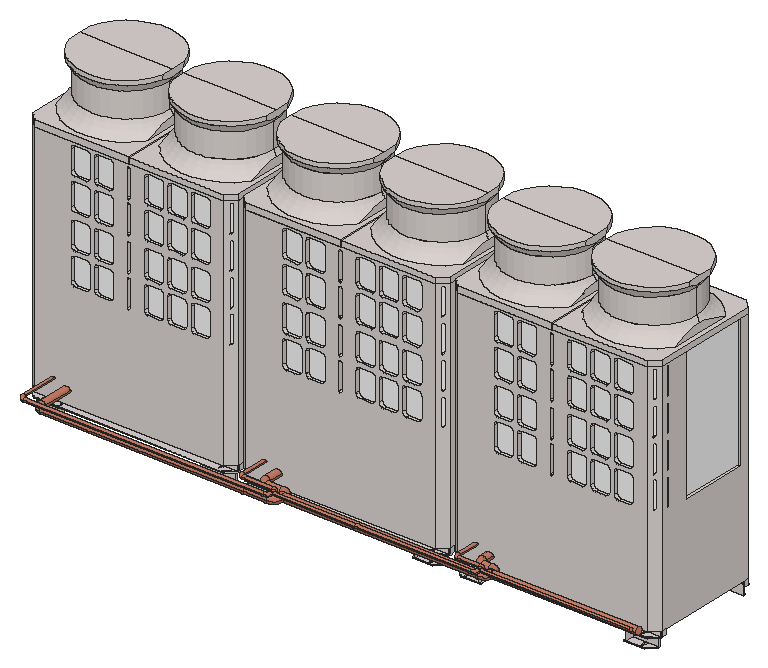
Revit family "PUHY-EP1350YSNW-A1", category 機械設備, Revit 2016
Family settings
  パーツ タイプ = 標準
  丸型コネクタ寸法 = 半径を使用
  OmniClass 番号 = 23.75.00.00
  OmniClass タイトル = Climate Control (HVAC)
  作業面に基づく = いいえ
  常に垂直 = はい
  ロード時にボイドで切り取り = いいえ
  共有 = いいえ
  部屋の計算ポイント = いいえ
Parameters (values of type "PUHY-EP1350YSNW-A1_380V_60Hz")
  Temp. range of cooling (Outdoor temp.) (D.B.) = "-5.0 to 52.0"
  Temp. range of cooling (Indoor temp.) (W.B.) = "15.0 to 24.0"
  Sound Pressure Level (dB(A)) Heating mode = 74.5
  Sound Pressure Level (dB(A)) Cooling mode = 70.5
  モデル = "PUHY-EP1350YSNW-A1"
  Width = 3780.000 mm
  WarrantyStart = ""
  Voltage = 380 V
  Unit Weight (kg) = 909
  URL = "http://www.mitsubishielectric.com/"
  Temp. range of heating (Outdoor temp.) (W.B.) = "-20.0 to 15.5"
  Temp. range of heating (Indoor temp.) (D.B.) = "15.0 to 27.0"
  TagNumber = 0
  Subcategory = "HVAC"
  Space View = yes
  SerialNumber = 0
  ReplacementYear = ""
  Refrigerant type = "R410A"
  Refrigerant Charge (kg) = 32.4
  Protection Devices_Inverter circuit (COMP./FAN) = "Over-current protection"
  Protection Devices_High pressure (MPa) = "High pressure sensor, High pressure switch at 4.15"
  Phase = 3
  製造元 = "Mitsubishi Electric Corporation"
  Outdoor unit 3 Breaker size (A) = 60
  Outdoor unit 3 = PUHY-EP450YNW-A1 : PUHY-EP450YNW-A1
  Outdoor unit 2 Breaker size (A) = 60
  Outdoor unit 2 = PUHY-EP450YNW-A1 : PUHY-EP450YNW-A1
  Outdoor unit 1 Breaker size (A) = 60
  Outdoor unit 1 = PUHY-EP450YNW-A1 : PUHY-EP450YNW-A1
  Note_1 = "Refrigerant pipe diameters may change depending on the installation condition. Please refer to the installation manual."
  Maximum Circuit Ampacity (A) = 101.1
  Liquid pipe_radius = 9.525 mm
  InstallationDate = ""
  Indoor Unit Total Capacity = "50 to 130% of outdoor unit capacity"
  Indoor Unit Model/Quantity = "P10 to P250/3 to 50"
  Hertz = 60 Hz
  Height = 1858.000 mm
  Heating SCOP (kW/kW) = 4.15
  Heating Rated Load Ampacity (A) = 71.4
  Heating Power Input (kW) = 42.31
  Heating Power Input (Nominal) (kW) = 35.29
  Heating Current Input (Nominal) (A) = 59.5
  Heating Current Input (A) = 71.4
  Heating Capacity (kW) = 168
  Heating Capacity (Nominal) (kW) = 150
  Heating COP (kW/kW) = 3.97
  Heating COP (Nominal) (kW/kW) = 4.25
  Gas pipe_radius = 20.640 mm
  Fan_Type = "Propeller Fan"
  Fan_Quantity = 6
  Fan Motor Output (kW) = 2.76
  External static pressure (Pa) = 0
  External Finish = "Pre-coated galvanized steel sheets (+powder coating for -BS type) <MUNSELL 3Y 7.8/1.1 or similar>"
  Equip_description = ""
  Equip_No. = 0
  Equip_ID = ""
  Description = ""
  Depth = 740.000 mm
  CreatedOn = ""
  CreatedBy = ""
  Cooling SEER (kW/kW) = 6.91
  Cooling Rated Load Ampacity (A) = 72.3
  Cooling Power Input (kW) = 42.85
  Cooling EER (kW/kW) = 3.5
  Cooling Current Input (A) = 72.3
  Cooling Capacity (kW) = 150
  Compressor_Type = "Inverter scroll hermetic compressor"
  Compressor_Quantity = 3
  Compressor_Lubricant = "MEL32"
  Compressor Motor Output (kW) = 33.3
  Category = ""
  Barcode = ""
  AssetIdentifier = ""
  Airflow Rate (m3/min) = 915
  Airflow Rate (m3/h) = 54900
Reference planes
  plane 1 "Center (Front/Back)": y = 0
  plane 2: z = 0
  plane 3 "Center (Left/Right)": x = 0
  plane 4: y = 370
  plane 5 "front": y = -370
  plane 6: x = -1890
  plane 7: x = 1890
  plane 8: x = -620
  plane 9: x = 620
  plane 10: x = -650
  plane 11: x = 650
  plane 12: y = 370
  plane 13: y = -370
  plane 14: z = 1858
  plane 15: x = -1647
  plane 16: x = -1730.603
  plane 17: x = -377
  plane 18: x = -460
  plane 19: x = 893
  plane 20: x = 810
Forms (mm)
  Sweep 1, solid, material "Copper"
    path origin (-51.563, 17.925, 207.255) x (0, -1, 0) y (1, 0, 0)
      loop
        line (380, -1679.039) -> (605, -1679.039)
        arc (605, -1679.039) -> (626.213, -1670.253) -> (635, -1649.039) r 30
        line (635, -1649.039) -> (635, -208.337)
        arc (635, -208.337) -> (629.142, -194.195) -> (615, -188.337) r 20
        line (615, -188.337) -> (590, -188.337)
        arc (590, -188.337) -> (575.858, -194.195) -> (570, -208.337) r 20
        line (570, -208.337) -> (570, -388.437)
        arc (570, -388.437) -> (564.142, -402.579) -> (550, -408.437) r 20
        line (550, -408.437) -> (380, -408.437)
    profile origin (-1730.603, -474.575, 207.255) x (1, 0, 0) y (0, 0, 1)
      loop
        circle (0, 0) r 9.525
  Sweep 2, solid, material "Copper"
    path origin (-48.859, 17.925, 173.255) x (-1, 0, 0) y (0, -1, 0)
      loop
        line (1598.141, 380) -> (1598.141, 575)
        arc (1598.141, 575) -> (1587.889, 599.749) -> (1563.141, 610) r 35
        line (1563.141, 610) -> (342, 610) -> (204.723, 610)
        arc (204.723, 610) -> (179.974, 599.749) -> (169.723, 575) r 35
        line (169.723, 575) -> (169.723, 545)
        arc (169.723, 545) -> (179.974, 520.251) -> (204.723, 510) r 35
        line (204.723, 510) -> (293.141, 510)
        arc (293.141, 510) -> (317.889, 499.749) -> (328.141, 475) r 35
        line (328.141, 475) -> (328.141, 380)
    profile origin (-1647, -459.575, 173.255) x (1, 0, 0) y (0, 0, 1)
      loop
        circle (0, 0) r 20.64
  Sweep 3, solid, material "Copper"
    path origin (214.685, 17.925, 207.255) x (0, -1, 0) y (1, 0, 0)
      loop
        line (605, -448.702) -> (605, 51.298) -> (605, 745.315)
        arc (605, 745.315) -> (599.142, 759.457) -> (585, 765.315) r 20
        line (585, 765.315) -> (560.96, 765.315)
        arc (560.96, 765.315) -> (546.818, 759.457) -> (540.96, 745.315) r 20
        line (540.96, 745.315) -> (540.96, 615.315)
        arc (540.96, 615.315) -> (535.102, 601.172) -> (520.96, 595.315) r 20
        line (520.96, 595.315) -> (380, 595.315)
    profile origin (15.984, -587.075, 207.255) x (0, 1, 0) y (0, 0, 1)
      loop
        circle (0, 0) r 9.525
  Sweep 4, solid, material "Copper"
    path origin (188.125, 17.925, 173.255) x (-1, 0, 0) y (0, -1, 0)
      loop
        line (395.125, 555.96) -> (-784.875, 555.96)
        arc (-784.875, 555.96) -> (-809.623, 545.709) -> (-819.875, 520.96) r 35
        line (-819.875, 520.96) -> (-819.875, 510)
        arc (-819.875, 510) -> (-809.623, 485.251) -> (-784.875, 475) r 35
        line (-784.875, 475) -> (-739.875, 475)
        arc (-739.875, 475) -> (-715.126, 464.749) -> (-704.875, 440) r 35
        line (-704.875, 440) -> (-704.875, 380)
    profile origin (383, -538.035, 173.255) x (0, 1, 0) y (0, 0, 1)
      loop
        circle (0, 0) r 20.64
  Sweep 5, solid, material "Copper"
    path origin (114.685, 17.925, 207.255) x (0, -1, 0) y (1, 0, 0)
      loop
        line (572.806, 870.315) -> (572.806, 1775.315)
    profile origin (1437.5, -554.881, 207.255) x (0, 1, 0) y (0, 0, 1)
      loop
        circle (0, 0) r 9.525
  Sweep 6, solid, material "Copper"
    path origin (88.125, 17.925, 173.255) x (-1, 0, 0) y (0, -1, 0)
      loop
        line (-921.875, 515.995) -> (-1801.875, 515.995)
    profile origin (1450, -498.07, 173.255) x (0, 1, 0) y (0, 0, 1)
      loop
        circle (0, 0) r 20.64
Dimensions and locks
  nested 2 to nested 1 = 30.000 mm
  nested 1 to nested 1 = 1240.000 mm
  nested 2 to nested 2 = 1240.000 mm
  plane 6 to plane 3 "Center (Left/Right)" to plane 7 = 1890.000 mm, 1890.000 mm
  "Liquid pipe_radius": radius of Sweep 5 sketch curve
  "Gas pipe_radius": radius of Sweep 6 sketch curve
  aligned and locked: level to plane 2
Automatic sketch dimensions
  Sweep 1 sketch curve to plane 5 "front" = 7.925 mm  (x2)
  plane 5 "front" to Sweep 1 sketch curve = 162.075 mm
  Sweep 1 sketch curve to plane 3 "Center (Left/Right)" = 259.900 mm
  Sweep 1 sketch curve to Sweep 1 sketch curve = 20.000 mm
  Sweep 1 sketch curve to plane 3 "Center (Left/Right)" = 239.900 mm
  plane 5 "front" to Sweep 1 sketch curve = 217.075 mm
  Sweep 1 sketch curve to Sweep 1 sketch curve = 25.000 mm
  Sweep 1 sketch curve to Sweep 1 sketch curve = 30.000 mm
  Sweep 1 sketch curve to plane 3 "Center (Left/Right)" = 440.000 mm
  profile plane to Sweep 1 sketch curve = 0.000 mm
  Sweep 1 sketch curve to profile plane = 0.000 mm
  Sweep 2 sketch curve to plane 3 "Center (Left/Right)" = 218.582 mm
  Sweep 2 sketch curve to plane 3 "Center (Left/Right)" = 253.582 mm  (x2)
  Sweep 2 sketch curve to plane 3 "Center (Left/Right)" = 342.000 mm
  Sweep 2 sketch curve to plane 3 "Center (Left/Right)" = 390.859 mm
  Sweep 2 sketch curve to Sweep 2 sketch curve = 35.000 mm  (x2)
  plane 5 "front" to Sweep 2 sketch curve = 222.075 mm
  Sweep 2 sketch curve to Sweep 2 sketch curve = 30.000 mm
  Sweep 2 sketch curve to plane 5 "front" = 7.925 mm  (x2)
  profile plane to Sweep 2 sketch curve = 0.000 mm
  Sweep 2 sketch curve to profile plane = 0.000 mm
  Sweep 3 sketch curve to profile plane = 0.000 mm  (x2)
  Sweep 4 sketch curve to profile plane = 0.000 mm  (x2)
  Sweep 1 sketch curve to Sweep 1 sketch curve = 1240.603 mm
  Sweep 2 sketch curve to Sweep 2 sketch curve = 1235.000 mm
  Sweep 3 sketch curve to plane 20 = 0.000 mm
  Sweep 3 sketch curve to plane 5 "front" = 7.925 mm
  plane 20 to Sweep 3 sketch curve = 20.000 mm
  plane 5 "front" to Sweep 3 sketch curve = 133.035 mm
  Sweep 3 sketch curve to Sweep 3 sketch curve = 20.000 mm
  Sweep 3 sketch curve to Sweep 3 sketch curve = 24.040 mm
  plane 5 "front" to Sweep 3 sketch curve = 217.075 mm
  plane 3 "Center (Left/Right)" to Sweep 3 sketch curve = 265.984 mm
  plane 17 to Sweep 3 sketch curve = 142.984 mm
  plane 19 to Sweep 3 sketch curve = 67.000 mm
  Sweep 4 sketch curve to plane 19 = 0.000 mm
  plane 19 to Sweep 4 sketch curve = 35.000 mm
  Sweep 4 sketch curve to Sweep 4 sketch curve = 45.000 mm
  Sweep 4 sketch curve to Sweep 4 sketch curve = 0.000 mm
  Sweep 4 sketch curve to Sweep 4 sketch curve = 35.000 mm
  plane 17 to Sweep 4 sketch curve = 170.000 mm
  Sweep 4 sketch curve to plane 5 "front" = 7.925 mm
  plane 5 "front" to Sweep 4 sketch curve = 52.075 mm
  Sweep 4 sketch curve to Sweep 4 sketch curve = 10.960 mm
  Sweep 6 sketch curve to plane 7 = 0.000 mm
  plane 19 to Sweep 6 sketch curve = 117.000 mm
  plane 5 "front" to Sweep 6 sketch curve = 128.070 mm
  Sweep 5 sketch curve to plane 7 = 0.000 mm
  plane 5 "front" to Sweep 5 sketch curve = 184.881 mm
  plane 19 to Sweep 5 sketch curve = 92.000 mm
  Sweep 5 sketch curve to profile plane = 0.000 mm  (x2)
  Sweep 6 sketch curve to profile plane = 0.000 mm  (x2)
  radius of Sweep 1 sketch curve = 9.525 mm
  radius of Sweep 2 sketch curve = 20.640 mm
  radius of Sweep 3 sketch curve = 9.525 mm
  radius of Sweep 4 sketch curve = 20.640 mm
Nested families
  nested 1: "PUHY-EP450YNW-A1" at (0, 0, 0), type <- "Outdoor unit 2", type "PUHY-EP450YNW-A1"
  nested 2: "PUHY-EP450YNW-A1" at (-1270, 0, 0), type <- "Outdoor unit 1", type "PUHY-EP450YNW-A1"
  nested 3: "PUHY-EP450YNW-A1" at (1270, 0, 0), type <- "Outdoor unit 3", type "PUHY-EP450YNW-A1"
Connectors
  piping at (1890, -498.07, 173.255), diameter 41.28, driven by "Gas pipe_radius"
    settings: on Sweep 6, index 1, connector inside diameter 41.28 mm, connector length 0.000 mm, flow factor 0, pipe flow 0.0 L/s, pressure drop 0.0 Pa, fitting loss kfactor 0, connector angle 0.00°, fixture units 0, engagement length 0.000 mm, angle of deflection 0.00°, flow configuration 0, flow direction 0, fitting loss method 0, system type 22, joint type 0, gender type 0, connector reference index -1, connector utility 0, adjustable connector no, is connector primary yes, connector description "Indoor unit-Twinning pipe(Gas)"
  piping at (1890, -554.881, 207.255), diameter 19.05, driven by "Liquid pipe_radius"
    settings: on Sweep 5, index 2, connector inside diameter 19.05 mm, connector length 0.000 mm, flow factor 0, pipe flow 0.0 L/s, pressure drop 0.0 Pa, fitting loss kfactor 0, connector angle 0.00°, fixture units 0, engagement length 0.000 mm, angle of deflection 0.00°, flow configuration 0, flow direction 0, fitting loss method 0, system type 22, joint type 0, gender type 0, connector reference index -1, connector utility 0, adjustable connector no, is connector primary no, connector description "Indoor unit-Twinning pipe(Liquid)"
  electrical at (992, -370, 279), driven by "Phase", driven by "Voltage"
    settings: index 3, voltage 380 V, apparent load 0 VA, apparent load phase1 0 VA, apparent load phase2 0 VA, apparent load phase3 0 VA, power factor 1, load classification "HVAC", number of poles 3, system type 30, power factor state 1, is connector primary yes, connector utility no, sub classification motor no, connector description ""
  electrical at (-258, -370, 279), driven by "Phase", driven by "Voltage"
    settings: index 4, voltage 380 V, apparent load 0 VA, apparent load phase1 0 VA, apparent load phase2 0 VA, apparent load phase3 0 VA, power factor 1, load classification "HVAC", number of poles 3, system type 30, power factor state 1, is connector primary no, connector utility no, sub classification motor no, connector description ""
  electrical at (-1508, -370, 279), driven by "Phase", driven by "Voltage"
    settings: index 5, voltage 380 V, apparent load 0 VA, apparent load phase1 0 VA, apparent load phase2 0 VA, apparent load phase3 0 VA, power factor 1, load classification "HVAC", number of poles 3, system type 30, power factor state 1, is connector primary no, connector utility no, sub classification motor no, connector description ""
Definition of nested family "PUHY-EP450YNW-A1"
  Parameters
    Model = "PUHY-P400YNW-A"
    URL = "http://www.mitsubishielectric.com/"
    Manufacturer = "Mitsubishi Electric Corporation"
    Liquid pipe_radius = 12.700 mm
    Gas pipe_radius = 14.290 mm
  Reference planes
    plane 1 "Center (Front/Back)": y = 0
    plane 2: z = 0
    plane 3 "Center (Left/Right)": x = 0
    plane 4: y = 370
    plane 5: z = 1858
    plane 6: y = -260
    plane 7: y = -204
    plane 8: y = -185
    plane 9: x = -620
    plane 10: x = 620
    plane 11: x = -620
    plane 12: z = 716
    plane 13: x = -524
    plane 14: z = 669
    plane 15: x = -50.5
    plane 16: x = 51
    plane 17: x = 489
    plane 18: x = 467
    plane 19 "132": x = 488
    plane 20 "100": z = 160
    plane 21: z = 185
    plane 22: x = 413
    plane 23: x = 364
    plane 24: z = 150
    plane 25: x = -287.25
    plane 26: x = -137.25
    plane 27: x = -272.25
    plane 28: y = -278
    plane 29: z = 1509
    plane 30: y = -370
    plane 31: x = -530
    plane 32: x = 530
    plane 33 "179": y = -191
  Forms (mm)
    Extrusion 1, solid
      sketch origin (-1, 0, 113) x (-1, 0, 0) y (0, -1, 0)
        loop
          line (569, -370) -> (619, -320) -> (619, 320) -> (569, 370) -> (-571, 370) -> (-621, 320) -> (-621, -320) -> (-571, -370) -> (569, -370)
      from -18 to 1408
    Extrusion 2, void
      sketch origin (524, -370, 113) x (1, 0, 0) y (0, 0, -1)
        loop
          arc (-60.8, -1393.5) -> (-42.557, -1385.943) -> (-35, -1367.7) r 25.8
          line (-35, -1367.7) -> (-35, -1248.5)
          arc (-35, -1248.5) -> (-42.557, -1230.257) -> (-60.8, -1222.7) r 25.8
          line (-60.8, -1222.7) -> (-126, -1222.7)
          arc (-126, -1222.7) -> (-144.243, -1230.257) -> (-151.8, -1248.5) r 25.8
          line (-151.8, -1248.5) -> (-151.8, -1367.7)
          arc (-151.8, -1367.7) -> (-144.243, -1385.943) -> (-126, -1393.5) r 25.8
          line (-126, -1393.5) -> (-60.8, -1393.5)
      from 0 to 20
    Extrusion 3, void
      sketch origin (524, -370, -81) x (1, 0, 0) y (0, 0, -1)
        loop
          arc (-60.8, -1393.5) -> (-42.557, -1385.943) -> (-35, -1367.7) r 25.8
          line (-35, -1367.7) -> (-35, -1248.5)
          arc (-35, -1248.5) -> (-42.557, -1230.257) -> (-60.8, -1222.7) r 25.8
          line (-60.8, -1222.7) -> (-126, -1222.7)
          arc (-126, -1222.7) -> (-144.243, -1230.257) -> (-151.8, -1248.5) r 25.8
          line (-151.8, -1248.5) -> (-151.8, -1367.7)
          arc (-151.8, -1367.7) -> (-144.243, -1385.943) -> (-126, -1393.5) r 25.8
          line (-126, -1393.5) -> (-60.8, -1393.5)
      from 0 to 20
    Extrusion 4, void
      sketch origin (524, -370, -287) x (1, 0, 0) y (0, 0, -1)
        loop
          arc (-60.8, -1393.5) -> (-42.557, -1385.943) -> (-35, -1367.7) r 25.8
          line (-35, -1367.7) -> (-35, -1248.5)
          arc (-35, -1248.5) -> (-42.557, -1230.257) -> (-60.8, -1222.7) r 25.8
          line (-60.8, -1222.7) -> (-126, -1222.7)
          arc (-126, -1222.7) -> (-144.243, -1230.257) -> (-151.8, -1248.5) r 25.8
          line (-151.8, -1248.5) -> (-151.8, -1367.7)
          arc (-151.8, -1367.7) -> (-144.243, -1385.943) -> (-126, -1393.5) r 25.8
          line (-126, -1393.5) -> (-60.8, -1393.5)
      from 0 to 20
    Extrusion 5, void
      sketch origin (524, -370, -481) x (1, 0, 0) y (0, 0, -1)
        loop
          arc (-60.8, -1393.5) -> (-42.557, -1385.943) -> (-35, -1367.7) r 25.8
          line (-35, -1367.7) -> (-35, -1248.5)
          arc (-35, -1248.5) -> (-42.557, -1230.257) -> (-60.8, -1222.7) r 25.8
          line (-60.8, -1222.7) -> (-126, -1222.7)
          arc (-126, -1222.7) -> (-144.243, -1230.257) -> (-151.8, -1248.5) r 25.8
          line (-151.8, -1248.5) -> (-151.8, -1367.7)
          arc (-151.8, -1367.7) -> (-144.243, -1385.943) -> (-126, -1393.5) r 25.8
          line (-126, -1393.5) -> (-60.8, -1393.5)
      from 0 to 20
    Extrusion 6, void
      sketch origin (384, -370, 113) x (1, 0, 0) y (0, 0, -1)
        loop
          arc (-60.8, -1393.5) -> (-42.557, -1385.943) -> (-35, -1367.7) r 25.8
          line (-35, -1367.7) -> (-35, -1248.5)
          arc (-35, -1248.5) -> (-42.557, -1230.257) -> (-60.8, -1222.7) r 25.8
          line (-60.8, -1222.7) -> (-126, -1222.7)
          arc (-126, -1222.7) -> (-144.243, -1230.257) -> (-151.8, -1248.5) r 25.8
          line (-151.8, -1248.5) -> (-151.8, -1367.7)
          arc (-151.8, -1367.7) -> (-144.243, -1385.943) -> (-126, -1393.5) r 25.8
          line (-126, -1393.5) -> (-60.8, -1393.5)
      from 0 to 20
    Extrusion 7, void
      sketch origin (384, -370, -81) x (1, 0, 0) y (0, 0, -1)
        loop
          arc (-60.8, -1393.5) -> (-42.557, -1385.943) -> (-35, -1367.7) r 25.8
          line (-35, -1367.7) -> (-35, -1248.5)
          arc (-35, -1248.5) -> (-42.557, -1230.257) -> (-60.8, -1222.7) r 25.8
          line (-60.8, -1222.7) -> (-126, -1222.7)
          arc (-126, -1222.7) -> (-144.243, -1230.257) -> (-151.8, -1248.5) r 25.8
          line (-151.8, -1248.5) -> (-151.8, -1367.7)
          arc (-151.8, -1367.7) -> (-144.243, -1385.943) -> (-126, -1393.5) r 25.8
          line (-126, -1393.5) -> (-60.8, -1393.5)
      from 0 to 20
    Extrusion 8, void
      sketch origin (384, -370, -287) x (1, 0, 0) y (0, 0, -1)
        loop
          arc (-60.8, -1393.5) -> (-42.557, -1385.943) -> (-35, -1367.7) r 25.8
          line (-35, -1367.7) -> (-35, -1248.5)
          arc (-35, -1248.5) -> (-42.557, -1230.257) -> (-60.8, -1222.7) r 25.8
          line (-60.8, -1222.7) -> (-126, -1222.7)
          arc (-126, -1222.7) -> (-144.243, -1230.257) -> (-151.8, -1248.5) r 25.8
          line (-151.8, -1248.5) -> (-151.8, -1367.7)
          arc (-151.8, -1367.7) -> (-144.243, -1385.943) -> (-126, -1393.5) r 25.8
          line (-126, -1393.5) -> (-60.8, -1393.5)
      from 0 to 20
    Extrusion 9, void
      sketch origin (384, -370, -481) x (1, 0, 0) y (0, 0, -1)
        loop
          arc (-60.8, -1393.5) -> (-42.557, -1385.943) -> (-35, -1367.7) r 25.8
          line (-35, -1367.7) -> (-35, -1248.5)
          arc (-35, -1248.5) -> (-42.557, -1230.257) -> (-60.8, -1222.7) r 25.8
          line (-60.8, -1222.7) -> (-126, -1222.7)
          arc (-126, -1222.7) -> (-144.243, -1230.257) -> (-151.8, -1248.5) r 25.8
          line (-151.8, -1248.5) -> (-151.8, -1367.7)
          arc (-151.8, -1367.7) -> (-144.243, -1385.943) -> (-126, -1393.5) r 25.8
          line (-126, -1393.5) -> (-60.8, -1393.5)
      from 0 to 20
    Extrusion 10, void
      sketch origin (244, -370, 113) x (1, 0, 0) y (0, 0, -1)
        loop
          arc (-60.8, -1393.5) -> (-42.557, -1385.943) -> (-35, -1367.7) r 25.8
          line (-35, -1367.7) -> (-35, -1248.5)
          arc (-35, -1248.5) -> (-42.557, -1230.257) -> (-60.8, -1222.7) r 25.8
          line (-60.8, -1222.7) -> (-126, -1222.7)
          arc (-126, -1222.7) -> (-144.243, -1230.257) -> (-151.8, -1248.5) r 25.8
          line (-151.8, -1248.5) -> (-151.8, -1367.7)
          arc (-151.8, -1367.7) -> (-144.243, -1385.943) -> (-126, -1393.5) r 25.8
          line (-126, -1393.5) -> (-60.8, -1393.5)
      from 0 to 20
    Extrusion 11, void
      sketch origin (244, -370, -81) x (1, 0, 0) y (0, 0, -1)
        loop
          arc (-60.8, -1393.5) -> (-42.557, -1385.943) -> (-35, -1367.7) r 25.8
          line (-35, -1367.7) -> (-35, -1248.5)
          arc (-35, -1248.5) -> (-42.557, -1230.257) -> (-60.8, -1222.7) r 25.8
          line (-60.8, -1222.7) -> (-126, -1222.7)
          arc (-126, -1222.7) -> (-144.243, -1230.257) -> (-151.8, -1248.5) r 25.8
          line (-151.8, -1248.5) -> (-151.8, -1367.7)
          arc (-151.8, -1367.7) -> (-144.243, -1385.943) -> (-126, -1393.5) r 25.8
          line (-126, -1393.5) -> (-60.8, -1393.5)
      from 0 to 20
    Extrusion 12, void
      sketch origin (244, -370, -287) x (1, 0, 0) y (0, 0, -1)
        loop
          arc (-60.8, -1393.5) -> (-42.557, -1385.943) -> (-35, -1367.7) r 25.8
          line (-35, -1367.7) -> (-35, -1248.5)
          arc (-35, -1248.5) -> (-42.557, -1230.257) -> (-60.8, -1222.7) r 25.8
          line (-60.8, -1222.7) -> (-126, -1222.7)
          arc (-126, -1222.7) -> (-144.243, -1230.257) -> (-151.8, -1248.5) r 25.8
          line (-151.8, -1248.5) -> (-151.8, -1367.7)
          arc (-151.8, -1367.7) -> (-144.243, -1385.943) -> (-126, -1393.5) r 25.8
          line (-126, -1393.5) -> (-60.8, -1393.5)
      from 0 to 20
    Extrusion 13, void
      sketch origin (244, -370, -481) x (1, 0, 0) y (0, 0, -1)
        loop
          arc (-60.8, -1393.5) -> (-42.557, -1385.943) -> (-35, -1367.7) r 25.8
          line (-35, -1367.7) -> (-35, -1248.5)
          arc (-35, -1248.5) -> (-42.557, -1230.257) -> (-60.8, -1222.7) r 25.8
          line (-60.8, -1222.7) -> (-126, -1222.7)
          arc (-126, -1222.7) -> (-144.243, -1230.257) -> (-151.8, -1248.5) r 25.8
          line (-151.8, -1248.5) -> (-151.8, -1367.7)
          arc (-151.8, -1367.7) -> (-144.243, -1385.943) -> (-126, -1393.5) r 25.8
          line (-126, -1393.5) -> (-60.8, -1393.5)
      from 0 to 20
    Extrusion 14, void
      sketch origin (-56, -370, 113) x (1, 0, 0) y (0, 0, -1)
        loop
          arc (-60.8, -1393.5) -> (-42.557, -1385.943) -> (-35, -1367.7) r 25.8
          line (-35, -1367.7) -> (-35, -1248.5)
          arc (-35, -1248.5) -> (-42.557, -1230.257) -> (-60.8, -1222.7) r 25.8
          line (-60.8, -1222.7) -> (-126, -1222.7)
          arc (-126, -1222.7) -> (-144.243, -1230.257) -> (-151.8, -1248.5) r 25.8
          line (-151.8, -1248.5) -> (-151.8, -1367.7)
          arc (-151.8, -1367.7) -> (-144.243, -1385.943) -> (-126, -1393.5) r 25.8
          line (-126, -1393.5) -> (-60.8, -1393.5)
      from 0 to 20
    Extrusion 15, void
      sketch origin (-56, -370, -81) x (1, 0, 0) y (0, 0, -1)
        loop
          arc (-60.8, -1393.5) -> (-42.557, -1385.943) -> (-35, -1367.7) r 25.8
          line (-35, -1367.7) -> (-35, -1248.5)
          arc (-35, -1248.5) -> (-42.557, -1230.257) -> (-60.8, -1222.7) r 25.8
          line (-60.8, -1222.7) -> (-126, -1222.7)
          arc (-126, -1222.7) -> (-144.243, -1230.257) -> (-151.8, -1248.5) r 25.8
          line (-151.8, -1248.5) -> (-151.8, -1367.7)
          arc (-151.8, -1367.7) -> (-144.243, -1385.943) -> (-126, -1393.5) r 25.8
          line (-126, -1393.5) -> (-60.8, -1393.5)
      from 0 to 20
    Extrusion 16, void
      sketch origin (-56, -370, -287) x (1, 0, 0) y (0, 0, -1)
        loop
          arc (-60.8, -1393.5) -> (-42.557, -1385.943) -> (-35, -1367.7) r 25.8
          line (-35, -1367.7) -> (-35, -1248.5)
          arc (-35, -1248.5) -> (-42.557, -1230.257) -> (-60.8, -1222.7) r 25.8
          line (-60.8, -1222.7) -> (-126, -1222.7)
          arc (-126, -1222.7) -> (-144.243, -1230.257) -> (-151.8, -1248.5) r 25.8
          line (-151.8, -1248.5) -> (-151.8, -1367.7)
          arc (-151.8, -1367.7) -> (-144.243, -1385.943) -> (-126, -1393.5) r 25.8
          line (-126, -1393.5) -> (-60.8, -1393.5)
      from 0 to 20
    Extrusion 17, void
      sketch origin (-56, -370, -481) x (1, 0, 0) y (0, 0, -1)
        loop
          arc (-60.8, -1393.5) -> (-42.557, -1385.943) -> (-35, -1367.7) r 25.8
          line (-35, -1367.7) -> (-35, -1248.5)
          arc (-35, -1248.5) -> (-42.557, -1230.257) -> (-60.8, -1222.7) r 25.8
          line (-60.8, -1222.7) -> (-126, -1222.7)
          arc (-126, -1222.7) -> (-144.243, -1230.257) -> (-151.8, -1248.5) r 25.8
          line (-151.8, -1248.5) -> (-151.8, -1367.7)
          arc (-151.8, -1367.7) -> (-144.243, -1385.943) -> (-126, -1393.5) r 25.8
          line (-126, -1393.5) -> (-60.8, -1393.5)
      from 0 to 20
    Extrusion 18, void
      sketch origin (-196, -370, 113) x (1, 0, 0) y (0, 0, -1)
        loop
          arc (-60.8, -1393.5) -> (-42.557, -1385.943) -> (-35, -1367.7) r 25.8
          line (-35, -1367.7) -> (-35, -1248.5)
          arc (-35, -1248.5) -> (-42.557, -1230.257) -> (-60.8, -1222.7) r 25.8
          line (-60.8, -1222.7) -> (-126, -1222.7)
          arc (-126, -1222.7) -> (-144.243, -1230.257) -> (-151.8, -1248.5) r 25.8
          line (-151.8, -1248.5) -> (-151.8, -1367.7)
          arc (-151.8, -1367.7) -> (-144.243, -1385.943) -> (-126, -1393.5) r 25.8
          line (-126, -1393.5) -> (-60.8, -1393.5)
      from 0 to 20
    Extrusion 19, void
      sketch origin (-196, -370, -81) x (1, 0, 0) y (0, 0, -1)
        loop
          arc (-60.8, -1393.5) -> (-42.557, -1385.943) -> (-35, -1367.7) r 25.8
          line (-35, -1367.7) -> (-35, -1248.5)
          arc (-35, -1248.5) -> (-42.557, -1230.257) -> (-60.8, -1222.7) r 25.8
          line (-60.8, -1222.7) -> (-126, -1222.7)
          arc (-126, -1222.7) -> (-144.243, -1230.257) -> (-151.8, -1248.5) r 25.8
          line (-151.8, -1248.5) -> (-151.8, -1367.7)
          arc (-151.8, -1367.7) -> (-144.243, -1385.943) -> (-126, -1393.5) r 25.8
          line (-126, -1393.5) -> (-60.8, -1393.5)
      from 0 to 20
    Extrusion 20, void
      sketch origin (-196, -370, -287) x (1, 0, 0) y (0, 0, -1)
        loop
          arc (-60.8, -1393.5) -> (-42.557, -1385.943) -> (-35, -1367.7) r 25.8
          line (-35, -1367.7) -> (-35, -1248.5)
          arc (-35, -1248.5) -> (-42.557, -1230.257) -> (-60.8, -1222.7) r 25.8
          line (-60.8, -1222.7) -> (-126, -1222.7)
          arc (-126, -1222.7) -> (-144.243, -1230.257) -> (-151.8, -1248.5) r 25.8
          line (-151.8, -1248.5) -> (-151.8, -1367.7)
          arc (-151.8, -1367.7) -> (-144.243, -1385.943) -> (-126, -1393.5) r 25.8
          line (-126, -1393.5) -> (-60.8, -1393.5)
      from 0 to 20
    Extrusion 21, void
      sketch origin (-196, -370, -481) x (1, 0, 0) y (0, 0, -1)
        loop
          arc (-60.8, -1393.5) -> (-42.557, -1385.943) -> (-35, -1367.7) r 25.8
          line (-35, -1367.7) -> (-35, -1248.5)
          arc (-35, -1248.5) -> (-42.557, -1230.257) -> (-60.8, -1222.7) r 25.8
          line (-60.8, -1222.7) -> (-126, -1222.7)
          arc (-126, -1222.7) -> (-144.243, -1230.257) -> (-151.8, -1248.5) r 25.8
          line (-151.8, -1248.5) -> (-151.8, -1367.7)
          arc (-151.8, -1367.7) -> (-144.243, -1385.943) -> (-126, -1393.5) r 25.8
          line (-126, -1393.5) -> (-60.8, -1393.5)
      from 0 to 20
    Extrusion 22, void
      sketch origin (620, 320, 113) x (0, 1, 0) y (0, 0, -1)
        loop
          line (-462.3, -1408) -> (-50.8, -1408) -> (-50.8, -612) -> (-462.3, -612) -> (-462.3, -1408)
      from 0 to 20
    Extrusion 23, void
      sketch origin (-620, -320, 113) x (0, -1, 0) y (0, 0, -1)
        loop
          line (-535.7, -1408) -> (-207.7, -1408) -> (-207.7, -592) -> (-535.7, -592) -> (-535.7, -1408)
      from 0 to 20
    Extrusion 24, void
      sketch origin (194.892, 370, 113) x (-1, 0, 0) y (0, 0, -1)
        loop
          arc (204.892, -1225.013) -> (194.892, -1215.013) -> (184.892, -1225.013) r 10
          line (184.892, -1225.013) -> (184.892, -1379.987)
          arc (184.892, -1379.987) -> (194.892, -1389.987) -> (204.892, -1379.987) r 10
          line (204.892, -1379.987) -> (204.892, -1225.013)
        loop
          arc (204.892, -1031.013) -> (194.892, -1021.013) -> (184.892, -1031.013) r 10
          line (184.892, -1031.013) -> (184.892, -1185.987)
          arc (184.892, -1185.987) -> (194.892, -1195.987) -> (204.892, -1185.987) r 10
          line (204.892, -1185.987) -> (204.892, -1031.013)
        loop
          arc (204.892, -825.013) -> (194.892, -815.013) -> (184.892, -825.013) r 10
          line (184.892, -825.013) -> (184.892, -979.987)
          arc (184.892, -979.987) -> (194.892, -989.987) -> (204.892, -979.987) r 10
          line (204.892, -979.987) -> (204.892, -825.013)
        loop
          arc (204.892, -631.013) -> (194.892, -621.013) -> (184.892, -631.013) r 10
          line (184.892, -631.013) -> (184.892, -785.987)
          arc (184.892, -785.987) -> (194.892, -795.987) -> (204.892, -785.987) r 10
          line (204.892, -785.987) -> (204.892, -631.013)
      from 0 to 20
    Extrusion 25, void
      sketch origin (-570, 370, 113) x (0.707107, 0.707107, 0) y (0, 0, 1)
        loop
          arc (-45.355, 1236) -> (-35.355, 1226) -> (-25.355, 1236) r 10
          line (-25.355, 1236) -> (-25.355, 1386)
          arc (-25.355, 1386) -> (-35.355, 1396) -> (-45.355, 1386) r 10
          line (-45.355, 1386) -> (-45.355, 1236)
        loop
          arc (-45.355, 1036) -> (-35.355, 1026) -> (-25.355, 1036) r 10
          line (-25.355, 1036) -> (-25.355, 1186)
          arc (-25.355, 1186) -> (-35.355, 1196) -> (-45.355, 1186) r 10
          line (-45.355, 1186) -> (-45.355, 1036)
        loop
          arc (-45.355, 836) -> (-35.355, 826) -> (-25.355, 836) r 10
          line (-25.355, 836) -> (-25.355, 986)
          arc (-25.355, 986) -> (-35.355, 996) -> (-45.355, 986) r 10
          line (-45.355, 986) -> (-45.355, 836)
        loop
          arc (-45.355, 641) -> (-35.355, 631) -> (-25.355, 641) r 10
          line (-25.355, 641) -> (-25.355, 791)
          arc (-25.355, 791) -> (-35.355, 801) -> (-45.355, 791) r 10
          line (-45.355, 791) -> (-45.355, 641)
      from 0 to 20
    Extrusion 26, void
      sketch origin (-620, -320, 113) x (0, -1, 0) y (0, 0, -1)
        loop
          line (-607.846, -1035.895) -> (-607.846, -1186.105)
          arc (-607.846, -1186.105) -> (-597.846, -1196.105) -> (-587.846, -1186.105) r 10
          line (-587.846, -1186.105) -> (-587.846, -1035.895)
          arc (-587.846, -1035.895) -> (-597.846, -1025.895) -> (-607.846, -1035.895) r 10
        loop
          line (-607.846, -835.895) -> (-607.846, -986.105)
          arc (-607.846, -986.105) -> (-597.846, -996.105) -> (-587.846, -986.105) r 10
          line (-587.846, -986.105) -> (-587.846, -835.895)
          arc (-587.846, -835.895) -> (-597.846, -825.895) -> (-607.846, -835.895) r 10
        loop
          line (-607.846, -1235.895) -> (-607.846, -1386.105)
          arc (-607.846, -1386.105) -> (-597.846, -1396.105) -> (-587.846, -1386.105) r 10
          line (-587.846, -1386.105) -> (-587.846, -1235.895)
          arc (-587.846, -1235.895) -> (-597.846, -1225.895) -> (-607.846, -1235.895) r 10
        loop
          line (-607.846, -635.895) -> (-607.846, -786.105)
          arc (-607.846, -786.105) -> (-597.846, -796.105) -> (-587.846, -786.105) r 10
          line (-587.846, -786.105) -> (-587.846, -635.895)
          arc (-587.846, -635.895) -> (-597.846, -625.895) -> (-607.846, -635.895) r 10
      from 0 to 20
    Extrusion 27, void
      sketch origin (1079, -370, 113) x (1, 0, 0) y (0, 0, -1)
        loop
          arc (-1089, -1379.975) -> (-1079, -1389.975) -> (-1069, -1379.975) r 10
          line (-1069, -1379.975) -> (-1069, -1225)
          arc (-1069, -1225) -> (-1079, -1215) -> (-1089, -1225) r 10
          line (-1089, -1225) -> (-1089, -1379.975)
        loop
          arc (-1089, -1185.975) -> (-1079, -1195.975) -> (-1069, -1185.975) r 10
          line (-1069, -1185.975) -> (-1069, -1031)
          arc (-1069, -1031) -> (-1079, -1021) -> (-1089, -1031) r 10
          line (-1089, -1031) -> (-1089, -1185.975)
        loop
          arc (-1089, -979.975) -> (-1079, -989.975) -> (-1069, -979.975) r 10
          line (-1069, -979.975) -> (-1069, -825)
          arc (-1069, -825) -> (-1079, -815) -> (-1089, -825) r 10
          line (-1089, -825) -> (-1089, -979.975)
        loop
          arc (-1089, -785.975) -> (-1079, -795.975) -> (-1069, -785.975) r 10
          line (-1069, -785.975) -> (-1069, -631)
          arc (-1069, -631) -> (-1079, -621) -> (-1089, -631) r 10
          line (-1089, -631) -> (-1089, -785.975)
      from 0 to 20
    Extrusion 28, void
      sketch origin (-571, 370, 113) x (-1, 0, 0) y (0, 0, -1)
        loop
          line (-519.5, -1408) -> (-48, -1408) -> (-48, -556) -> (-519.5, -556) -> (-519.5, -1408)
      from 0 to 20
    Extrusion 29, void
      sketch origin (-571, 370, 113) x (-1, 0, 0) y (0, 0, -1)
        loop
          line (-1038, -1408) -> (-622, -1408) -> (-622, -556) -> (-1038, -556) -> (-1038, -1408)
      from 0 to 20
    Extrusion 30, void
      sketch origin (620, 320, 113) x (0, 1, 0) y (0, 0, -1)
        loop
          arc (-588, -1035.791) -> (-598, -1025.791) -> (-608, -1035.791) r 10
          line (-608, -1035.791) -> (-608, -1186)
          arc (-608, -1186) -> (-598, -1196) -> (-588, -1186) r 10
          line (-588, -1186) -> (-588, -1035.791)
        loop
          arc (-588, -835.791) -> (-598, -825.791) -> (-608, -835.791) r 10
          line (-608, -835.791) -> (-608, -986)
          arc (-608, -986) -> (-598, -996) -> (-588, -986) r 10
          line (-588, -986) -> (-588, -835.791)
        loop
          arc (-588, -1235.791) -> (-598, -1225.791) -> (-608, -1235.791) r 10
          line (-608, -1235.791) -> (-608, -1386)
          arc (-608, -1386) -> (-598, -1396) -> (-588, -1386) r 10
          line (-588, -1386) -> (-588, -1235.791)
        loop
          arc (-588, -635.791) -> (-598, -625.791) -> (-608, -635.791) r 10
          line (-608, -635.791) -> (-608, -786)
          arc (-608, -786) -> (-598, -796) -> (-588, -786) r 10
          line (-588, -786) -> (-588, -635.791)
      from 0 to 20
    Extrusion 31, void
      sketch origin (1291.751, 351.751, 113) x (0.707107, 0.707107, 0) y (0, 0, -1)
        loop
          line (-995.311, -1236) -> (-995.311, -1386)
          arc (-995.311, -1386) -> (-985.311, -1396) -> (-975.311, -1386) r 10
          line (-975.311, -1386) -> (-975.311, -1236)
          arc (-975.311, -1236) -> (-985.311, -1226) -> (-995.311, -1236) r 10
        loop
          line (-995.311, -1036) -> (-995.311, -1186)
          arc (-995.311, -1186) -> (-985.311, -1196) -> (-975.311, -1186) r 10
          line (-975.311, -1186) -> (-975.311, -1036)
          arc (-975.311, -1036) -> (-985.311, -1026) -> (-995.311, -1036) r 10
        loop
          line (-995.311, -836) -> (-995.311, -986)
          arc (-995.311, -986) -> (-985.311, -996) -> (-975.311, -986) r 10
          line (-975.311, -986) -> (-975.311, -836)
          arc (-975.311, -836) -> (-985.311, -826) -> (-995.311, -836) r 10
        loop
          line (-995.311, -641) -> (-995.311, -791)
          arc (-995.311, -791) -> (-985.311, -801) -> (-975.311, -791) r 10
          line (-975.311, -791) -> (-975.311, -641)
          arc (-975.311, -641) -> (-985.311, -631) -> (-995.311, -641) r 10
      from 0 to 20
    Extrusion 32, void
      sketch origin (0, -191, 0) x (-1, 0, 0) y (0, 0, 1)
        loop
          circle (460, 176) r 6.35
      from 0 to 78.7
    Extrusion 33, void
      sketch origin (0, -191, 0) x (-1, 0, 0) y (0, 0, 1)
        loop
          circle (377, 176) r 14.29
      from 0 to 78.7
  Cuts and joins
    Extrusion 2, Extrusion 3, Extrusion 4, Extrusion 5, Extrusion 6, Extrusion 7, Extrusion 8, Extrusion 9, Extrusion 10, Extrusion 11, Extrusion 12, Extrusion 13, Extrusion 14, Extrusion 15, Extrusion 16, Extrusion 17, Extrusion 18, Extrusion 19, Extrusion 20, Extrusion 21, Extrusion 22, Extrusion 23, Extrusion 24, Extrusion 25, Extrusion 26, Extrusion 27, Extrusion 28, Extrusion 29, Extrusion 30, Extrusion 31, Extrusion 32, Extrusion 33 cuts Extrusion 1
  Lines and regions (mm)
    model lines
      curve 1: line (-351, -291, 95) -> (-481, -291, 95)
      curve 2: line (-342, -206, 95) -> (-342, -282, 95)
      curve 3: line (-481, -197, 95) -> (-351, -197, 95)
      curve 4: line (-492, -280, 95) -> (-492, -208, 95)
      curve 5: arc (-492, -280, 95) -> (-488.778, -287.778, 95) -> (-481, -291, 95) r 11
      curve 6: arc (-351, -291, 95) -> (-344.636, -288.364, 95) -> (-342, -282, 95) r 9
      curve 7: arc (-342, -206, 95) -> (-344.636, -199.636, 95) -> (-351, -197, 95) r 9
      curve 8: arc (-481, -197, 95) -> (-488.778, -200.222, 95) -> (-492, -208, 95) r 11
      curve 9: line (-30, -370, 1521) -> (-30, -370, 95)
      curve 10: line (30, -370, 1521) -> (30, -370, 95)
      curve 11: line (-485, -370, 215) -> (-357, -370, 215)
      curve 12: line (-495, -370, 141) -> (-495, -370, 205)
      curve 13: line (-357, -370, 131) -> (-485, -370, 131)
      curve 14: line (-347, -370, 205) -> (-347, -370, 141)
      curve 15: arc (-485, -370, 215) -> (-492.071, -370, 212.071) -> (-495, -370, 205) r 10
      curve 16: arc (-495, -370, 141) -> (-492.071, -370, 133.929) -> (-485, -370, 131) r 10
      curve 17: arc (-357, -370, 131) -> (-349.929, -370, 133.929) -> (-347, -370, 141) r 10
      curve 18: arc (-347, -370, 205) -> (-349.929, -370, 212.071) -> (-357, -370, 215) r 10
      curve 19: line (-405, -370, 1521) -> (-405, -370, 716)
      curve 20: line (620, -162.3, 1521) -> (620, -162.3, 95)
      curve 21: line (620, 289.2, 1521) -> (620, 289.2, 95)
      curve 22: line (620, -162.3, 705) -> (620, 289.2, 705)
      curve 23: line (620, -162.3, 725) -> (620, 289.2, 725)
      curve 24: line (620, -76.8, 583) -> (620, 203.2, 583)
      curve 25: line (620, 203.2, 563) -> (620, -76.8, 563)
      curve 26: arc (620, -76.8, 583) -> (620, -83.871, 580.071) -> (620, -86.8, 573) r 10
      curve 27: arc (620, -76.8, 563) -> (620, -83.871, 565.929) -> (620, -86.8, 573) r 10
      curve 28: arc (620, 203.2, 583) -> (620, 210.271, 580.071) -> (620, 213.2, 573) r 10
      curve 29: arc (620, 203.2, 563) -> (620, 210.271, 565.929) -> (620, 213.2, 573) r 10
      curve 30: line (620, -76.8, 478) -> (620, 203.2, 478)
      curve 31: line (620, 203.2, 458) -> (620, -76.8, 458)
      curve 32: arc (620, -76.8, 478) -> (620, -83.871, 475.071) -> (620, -86.8, 468) r 10
      curve 33: arc (620, -76.8, 458) -> (620, -83.871, 460.929) -> (620, -86.8, 468) r 10
      curve 34: arc (620, 203.2, 478) -> (620, 210.271, 475.071) -> (620, 213.2, 468) r 10
      curve 35: arc (620, 203.2, 458) -> (620, 210.271, 460.929) -> (620, 213.2, 468) r 10
      curve 36: line (620, -76.8, 373) -> (620, 203.2, 373)
      curve 37: line (620, 203.2, 353) -> (620, -76.8, 353)
      curve 38: arc (620, -76.8, 373) -> (620, -83.871, 370.071) -> (620, -86.8, 363) r 10
      curve 39: arc (620, -76.8, 353) -> (620, -83.871, 355.929) -> (620, -86.8, 363) r 10
      curve 40: arc (620, 203.2, 373) -> (620, 210.271, 370.071) -> (620, 213.2, 363) r 10
      curve 41: arc (620, 203.2, 353) -> (620, 210.271, 355.929) -> (620, 213.2, 363) r 10
      curve 42: line (620, -76.8, 268) -> (620, 203.2, 268)
      curve 43: line (620, 203.2, 248) -> (620, -76.8, 248)
      curve 44: arc (620, -76.8, 268) -> (620, -83.871, 265.071) -> (620, -86.8, 258) r 10
      curve 45: arc (620, -76.8, 248) -> (620, -83.871, 250.929) -> (620, -86.8, 258) r 10
      curve 46: arc (620, 203.2, 268) -> (620, 210.271, 265.071) -> (620, 213.2, 258) r 10
      curve 47: arc (620, 203.2, 248) -> (620, 210.271, 250.929) -> (620, 213.2, 258) r 10
      curve 48: line (-620, -162.3, 1521) -> (-620, -162.3, 95)
      curve 49: line (-620, 235.7, 1521) -> (-620, 235.7, 95)
      curve 50: line (-620, -112.3, 1521) -> (-620, -112.3, 705)
      curve 51: line (-620, 215.7, 1521) -> (-620, 215.7, 705)
      curve 52: line (-620, 235.7, 705) -> (-620, -162.3, 705)
      curve 53: line (-620, 176.7, 268) -> (-620, -103.3, 268)
      curve 54: line (-620, -103.3, 248) -> (-620, 176.7, 248)
      curve 55: arc (-620, 186.7, 258) -> (-620, 183.771, 265.071) -> (-620, 176.7, 268) r 10
      curve 56: arc (-620, 176.7, 248) -> (-620, 183.771, 250.929) -> (-620, 186.7, 258) r 10
      curve 57: arc (-620, -103.3, 268) -> (-620, -110.371, 265.071) -> (-620, -113.3, 258) r 10
      curve 58: arc (-620, -113.3, 258) -> (-620, -110.371, 250.929) -> (-620, -103.3, 248) r 10
      curve 59: line (-620, 176.7, 373) -> (-620, -103.3, 373)
      curve 60: line (-620, -103.3, 353) -> (-620, 176.7, 353)
      curve 61: arc (-620, 186.7, 363) -> (-620, 183.771, 370.071) -> (-620, 176.7, 373) r 10
      curve 62: arc (-620, 176.7, 353) -> (-620, 183.771, 355.929) -> (-620, 186.7, 363) r 10
      curve 63: arc (-620, -103.3, 373) -> (-620, -110.371, 370.071) -> (-620, -113.3, 363) r 10
      curve 64: arc (-620, -113.3, 363) -> (-620, -110.371, 355.929) -> (-620, -103.3, 353) r 10
      curve 65: line (-620, 176.7, 478) -> (-620, -103.3, 478)
      curve 66: line (-620, -103.3, 458) -> (-620, 176.7, 458)
      curve 67: arc (-620, 186.7, 468) -> (-620, 183.771, 475.071) -> (-620, 176.7, 478) r 10
      curve 68: arc (-620, 176.7, 458) -> (-620, 183.771, 460.929) -> (-620, 186.7, 468) r 10
      curve 69: arc (-620, -103.3, 478) -> (-620, -110.371, 475.071) -> (-620, -113.3, 468) r 10
      curve 70: arc (-620, -113.3, 468) -> (-620, -110.371, 460.929) -> (-620, -103.3, 458) r 10
      curve 71: line (-620, 176.7, 583) -> (-620, -103.3, 583)
      curve 72: line (-620, -103.3, 563) -> (-620, 176.7, 563)
      curve 73: arc (-620, 186.7, 573) -> (-620, 183.771, 580.071) -> (-620, 176.7, 583) r 10
      curve 74: arc (-620, 176.7, 563) -> (-620, 183.771, 565.929) -> (-620, 186.7, 573) r 10
      curve 75: arc (-620, -103.3, 583) -> (-620, -110.371, 580.071) -> (-620, -113.3, 573) r 10
      curve 76: arc (-620, -113.3, 573) -> (-620, -110.371, 565.929) -> (-620, -103.3, 563) r 10
      curve 77: line (-544, 370, 1521) -> (-544, 370, 95)
      curve 78: line (489, 370, 649) -> (30, 370, 649)
      curve 79: line (-30.5, 370, 649) -> (-544, 370, 649)
      curve 80: line (-147.25, 370, 584) -> (-427.25, 370, 584)
      curve 81: line (-427.25, 370, 564) -> (-147.25, 370, 564)
      curve 82: arc (-137.25, 370, 574) -> (-140.179, 370, 581.071) -> (-147.25, 370, 584) r 10
      curve 83: arc (-147.25, 370, 564) -> (-140.179, 370, 566.929) -> (-137.25, 370, 574) r 10
      curve 84: arc (-427.25, 370, 584) -> (-434.321, 370, 581.071) -> (-437.25, 370, 574) r 10
      curve 85: arc (-437.25, 370, 574) -> (-434.321, 370, 566.929) -> (-427.25, 370, 564) r 10
      curve 86: circle (448, -185, 1521) r 15 normal (0, 0, 1)
      curve 87: circle (468, -185, 95) r 26 normal (0, 0, 1)
      curve 88: circle (448, -260, 95) r 32.5 normal (0, 0, 1)
      curve 89: circle (404, -204, 95) r 17 normal (0, 0, 1)
      curve 90: line (-550, -370, 1521) -> (-550, -370, 95)
      curve 91: line (-550, -370, 716) -> (-30, -370, 716)
      curve 92: line (550, -370, 95) -> (550, -370, 1521)
      curve 93: line (30, -370, 716) -> (550, -370, 716)
      curve 94: line (-30.5, 370, 1521) -> (-30.5, 370, 95)
      curve 95: line (30, 370, 1521) -> (30, 370, 95)
      curve 96: line (489, 370, 1521) -> (489, 370, 95)
      curve 97: line (467, 370, 669) -> (467, 370, 649)
      curve 98: line (-352, -370, 223) -> (-550, -370, 223)
      curve 99: line (-342, -370, 213) -> (-342, -370, 95)
      curve 100: arc (-342, -370, 213) -> (-344.929, -370, 220.071) -> (-352, -370, 223) r 10
      curve 101: circle (488, -370, 160) r 32.5 normal (0, -1, 0)
      curve 102: circle (488, -370, 160) r 20 normal (0, -1, 0)
      curve 103: circle (364, -370, 150) r 17 normal (0, -1, 0)
      curve 104: circle (413, -370, 185) r 26 normal (0, -1, 0)
      curve 105: circle (413, -370, 185) r 13.5 normal (0, -1, 0)
      curve 106: line (352, -370, 223) -> (550, -370, 223)
      curve 107: line (342, -370, 213) -> (342, -370, 95)
      curve 108: arc (342, -370, 213) -> (344.929, -370, 220.071) -> (352, -370, 223) r 10
      curve 109: line (-147.25, 370, 479) -> (-427.25, 370, 479)
      curve 110: line (-427.25, 370, 459) -> (-147.25, 370, 459)
      curve 111: arc (-137.25, 370, 469) -> (-140.179, 370, 476.071) -> (-147.25, 370, 479) r 10
      curve 112: arc (-147.25, 370, 459) -> (-140.179, 370, 461.929) -> (-137.25, 370, 469) r 10
      curve 113: arc (-427.25, 370, 479) -> (-434.321, 370, 476.071) -> (-437.25, 370, 469) r 10
      curve 114: arc (-437.25, 370, 469) -> (-434.321, 370, 461.929) -> (-427.25, 370, 459) r 10
      curve 115: line (-147.25, 370, 374) -> (-427.25, 370, 374)
      curve 116: line (-427.25, 370, 354) -> (-147.25, 370, 354)
      curve 117: arc (-137.25, 370, 364) -> (-140.179, 370, 371.071) -> (-147.25, 370, 374) r 10
      curve 118: arc (-147.25, 370, 354) -> (-140.179, 370, 356.929) -> (-137.25, 370, 364) r 10
      curve 119: arc (-427.25, 370, 374) -> (-434.321, 370, 371.071) -> (-437.25, 370, 364) r 10
      curve 120: arc (-437.25, 370, 364) -> (-434.321, 370, 356.929) -> (-427.25, 370, 354) r 10
      curve 121: line (-147.25, 370, 269) -> (-427.25, 370, 269)
      curve 122: line (-427.25, 370, 249) -> (-147.25, 370, 249)
      curve 123: arc (-137.25, 370, 259) -> (-140.179, 370, 266.071) -> (-147.25, 370, 269) r 10
      curve 124: arc (-147.25, 370, 249) -> (-140.179, 370, 251.929) -> (-137.25, 370, 259) r 10
      curve 125: arc (-427.25, 370, 269) -> (-434.321, 370, 266.071) -> (-437.25, 370, 259) r 10
      curve 126: arc (-437.25, 370, 259) -> (-434.321, 370, 251.929) -> (-427.25, 370, 249) r 10
      curve 127: line (399.5, 370, 584) -> (119.5, 370, 584)
      curve 128: line (119.5, 370, 564) -> (399.5, 370, 564)
      curve 129: arc (409.5, 370, 574) -> (406.571, 370, 581.071) -> (399.5, 370, 584) r 10
      curve 130: arc (399.5, 370, 564) -> (406.571, 370, 566.929) -> (409.5, 370, 574) r 10
      curve 131: arc (119.5, 370, 584) -> (112.429, 370, 581.071) -> (109.5, 370, 574) r 10
      curve 132: arc (109.5, 370, 574) -> (112.429, 370, 566.929) -> (119.5, 370, 564) r 10
      curve 133: line (399.5, 370, 479) -> (119.5, 370, 479)
      curve 134: line (119.5, 370, 459) -> (399.5, 370, 459)
      curve 135: arc (409.5, 370, 469) -> (406.571, 370, 476.071) -> (399.5, 370, 479) r 10
      curve 136: arc (399.5, 370, 459) -> (406.571, 370, 461.929) -> (409.5, 370, 469) r 10
      curve 137: arc (119.5, 370, 479) -> (112.429, 370, 476.071) -> (109.5, 370, 469) r 10
      curve 138: arc (109.5, 370, 469) -> (112.429, 370, 461.929) -> (119.5, 370, 459) r 10
      curve 139: line (399.5, 370, 374) -> (119.5, 370, 374)
      curve 140: line (119.5, 370, 354) -> (399.5, 370, 354)
      curve 141: arc (409.5, 370, 364) -> (406.571, 370, 371.071) -> (399.5, 370, 374) r 10
      curve 142: arc (399.5, 370, 354) -> (406.571, 370, 356.929) -> (409.5, 370, 364) r 10
      curve 143: arc (119.5, 370, 374) -> (112.429, 370, 371.071) -> (109.5, 370, 364) r 10
      curve 144: arc (109.5, 370, 364) -> (112.429, 370, 356.929) -> (119.5, 370, 354) r 10
      curve 145: line (399.5, 370, 269) -> (119.5, 370, 269)
      curve 146: line (119.5, 370, 249) -> (399.5, 370, 249)
      curve 147: arc (409.5, 370, 259) -> (406.571, 370, 266.071) -> (399.5, 370, 269) r 10
      curve 148: arc (399.5, 370, 249) -> (406.571, 370, 251.929) -> (409.5, 370, 259) r 10
      curve 149: arc (119.5, 370, 269) -> (112.429, 370, 266.071) -> (109.5, 370, 259) r 10
      curve 150: arc (109.5, 370, 259) -> (112.429, 370, 251.929) -> (119.5, 370, 249) r 10
      curve 151: line (399.5, -370, 584) -> (119.5, -370, 584)
      curve 152: line (119.5, -370, 564) -> (399.5, -370, 564)
      curve 153: arc (409.5, -370, 574) -> (406.571, -370, 581.071) -> (399.5, -370, 584) r 10
      curve 154: arc (399.5, -370, 564) -> (406.571, -370, 566.929) -> (409.5, -370, 574) r 10
      curve 155: arc (119.5, -370, 584) -> (112.429, -370, 581.071) -> (109.5, -370, 574) r 10
      curve 156: arc (109.5, -370, 574) -> (112.429, -370, 566.929) -> (119.5, -370, 564) r 10
      curve 157: line (399.5, -370, 479) -> (119.5, -370, 479)
      curve 158: line (119.5, -370, 459) -> (399.5, -370, 459)
      curve 159: arc (409.5, -370, 469) -> (406.571, -370, 476.071) -> (399.5, -370, 479) r 10
      curve 160: arc (399.5, -370, 459) -> (406.571, -370, 461.929) -> (409.5, -370, 469) r 10
      curve 161: arc (119.5, -370, 479) -> (112.429, -370, 476.071) -> (109.5, -370, 469) r 10
      curve 162: arc (109.5, -370, 469) -> (112.429, -370, 461.929) -> (119.5, -370, 459) r 10
      curve 163: line (399.5, -370, 374) -> (119.5, -370, 374)
      curve 164: line (119.5, -370, 354) -> (399.5, -370, 354)
      curve 165: arc (409.5, -370, 364) -> (406.571, -370, 371.071) -> (399.5, -370, 374) r 10
      curve 166: arc (399.5, -370, 354) -> (406.571, -370, 356.929) -> (409.5, -370, 364) r 10
      curve 167: arc (119.5, -370, 374) -> (112.429, -370, 371.071) -> (109.5, -370, 364) r 10
      curve 168: arc (109.5, -370, 364) -> (112.429, -370, 356.929) -> (119.5, -370, 354) r 10
      curve 169: arc (119.5, -370, 269) -> (112.429, -370, 266.071) -> (109.5, -370, 259) r 10
      curve 170: arc (109.5, -370, 259) -> (112.429, -370, 251.929) -> (119.5, -370, 249) r 10
      curve 171: line (-147.25, -370, 584) -> (-427.25, -370, 584)
      curve 172: line (-427.25, -370, 564) -> (-147.25, -370, 564)
      curve 173: arc (-137.25, -370, 574) -> (-140.179, -370, 581.071) -> (-147.25, -370, 584) r 10
      curve 174: arc (-147.25, -370, 564) -> (-140.179, -370, 566.929) -> (-137.25, -370, 574) r 10
      curve 175: arc (-427.25, -370, 584) -> (-434.321, -370, 581.071) -> (-437.25, -370, 574) r 10
      curve 176: arc (-437.25, -370, 574) -> (-434.321, -370, 566.929) -> (-427.25, -370, 564) r 10
      curve 177: line (-147.25, -370, 479) -> (-427.25, -370, 479)
      curve 178: line (-427.25, -370, 459) -> (-147.25, -370, 459)
      curve 179: arc (-137.25, -370, 469) -> (-140.179, -370, 476.071) -> (-147.25, -370, 479) r 10
      curve 180: arc (-147.25, -370, 459) -> (-140.179, -370, 461.929) -> (-137.25, -370, 469) r 10
      curve 181: arc (-427.25, -370, 479) -> (-434.321, -370, 476.071) -> (-437.25, -370, 469) r 10
      curve 182: arc (-437.25, -370, 469) -> (-434.321, -370, 461.929) -> (-427.25, -370, 459) r 10
      curve 183: line (-147.25, -370, 374) -> (-427.25, -370, 374)
      curve 184: line (-427.25, -370, 354) -> (-147.25, -370, 354)
      curve 185: arc (-137.25, -370, 364) -> (-140.179, -370, 371.071) -> (-147.25, -370, 374) r 10
      curve 186: arc (-147.25, -370, 354) -> (-140.179, -370, 356.929) -> (-137.25, -370, 364) r 10
      curve 187: arc (-427.25, -370, 374) -> (-434.321, -370, 371.071) -> (-437.25, -370, 364) r 10
      curve 188: arc (-437.25, -370, 364) -> (-434.321, -370, 356.929) -> (-427.25, -370, 354) r 10
      curve 189: line (-147.25, -370, 269) -> (-262.25, -370, 269)
      curve 190: line (-262.25, -370, 249) -> (-147.25, -370, 249)
      curve 191: arc (-137.25, -370, 259) -> (-140.179, -370, 266.071) -> (-147.25, -370, 269) r 10
      curve 192: arc (-147.25, -370, 249) -> (-140.179, -370, 251.929) -> (-137.25, -370, 259) r 10
      curve 193: arc (-262.25, -370, 269) -> (-269.321, -370, 266.071) -> (-272.25, -370, 259) r 10
      curve 194: arc (-272.25, -370, 259) -> (-269.321, -370, 251.929) -> (-262.25, -370, 249) r 10
      curve 195: line (234.5, -370, 269) -> (119.5, -370, 269)
      curve 196: line (119.5, -370, 249) -> (234.5, -370, 249)
      curve 197: arc (244.5, -370, 259) -> (241.571, -370, 266.071) -> (234.5, -370, 269) r 10
      curve 198: arc (234.5, -370, 249) -> (241.571, -370, 251.929) -> (244.5, -370, 259) r 10
  Dimensions and locks
    nested 2 to nested 2 = 303.000 mm
    cut or joined group 1 (Extrusion 1, Extrusion 2, Extrusion 3, Extrusion 4, Extrusion 5, Extrusion 6, Extrusion 7, Extrusion 8, Extrusion 9, Extrusion 10, Extrusion 11, Extrusion 12, Extrusion 13, Extrusion 14, Extrusion 15, Extrusion 16, Extrusion 17, Extrusion 18, Extrusion 19, Extrusion 20, Extrusion 21, Extrusion 22, Extrusion 23, Extrusion 24, Extrusion 25, Extrusion 26, Extrusion 27, Extrusion 28, Extrusion 29, Extrusion 30, Extrusion 31, Extrusion 32, Extrusion 33) to cut or joined group 1 = 1240.000 mm
    Extrusion 2 sketch curve to Extrusion 2 sketch curve = 116.800 mm
    Extrusion 2 sketch curve to Extrusion 2 sketch curve = 170.800 mm
    Extrusion 3 sketch curve to Extrusion 3 sketch curve = 116.800 mm
    Extrusion 3 sketch curve to Extrusion 3 sketch curve = 170.800 mm
    Extrusion 4 sketch curve to Extrusion 4 sketch curve = 116.800 mm
    Extrusion 4 sketch curve to Extrusion 4 sketch curve = 170.800 mm
    Extrusion 5 sketch curve to Extrusion 5 sketch curve = 116.800 mm
    Extrusion 5 sketch curve to Extrusion 5 sketch curve = 170.800 mm
    Extrusion 6 sketch curve to Extrusion 6 sketch curve = 116.800 mm
    Extrusion 6 sketch curve to Extrusion 6 sketch curve = 170.800 mm
    Extrusion 7 sketch curve to Extrusion 7 sketch curve = 116.800 mm
    Extrusion 7 sketch curve to Extrusion 7 sketch curve = 170.800 mm
    Extrusion 8 sketch curve to Extrusion 8 sketch curve = 116.800 mm
    Extrusion 8 sketch curve to Extrusion 8 sketch curve = 170.800 mm
    Extrusion 9 sketch curve to Extrusion 9 sketch curve = 116.800 mm
    Extrusion 9 sketch curve to Extrusion 9 sketch curve = 170.800 mm
    cut or joined group 1 to cut or joined group 1 = 50.000 mm  (x2)
    Extrusion 10 sketch curve to Extrusion 10 sketch curve = 116.800 mm
    Extrusion 10 sketch curve to Extrusion 10 sketch curve = 170.800 mm
    Extrusion 11 sketch curve to Extrusion 11 sketch curve = 116.800 mm
    Extrusion 11 sketch curve to Extrusion 11 sketch curve = 170.800 mm
    Extrusion 12 sketch curve to Extrusion 12 sketch curve = 116.800 mm
    Extrusion 12 sketch curve to Extrusion 12 sketch curve = 170.800 mm
    Extrusion 13 sketch curve to Extrusion 13 sketch curve = 116.800 mm
    Extrusion 13 sketch curve to Extrusion 13 sketch curve = 170.800 mm
    Extrusion 14 sketch curve to Extrusion 14 sketch curve = 116.800 mm
    Extrusion 14 sketch curve to Extrusion 14 sketch curve = 170.800 mm
    Extrusion 15 sketch curve to Extrusion 15 sketch curve = 116.800 mm
    Extrusion 15 sketch curve to Extrusion 15 sketch curve = 170.800 mm
    Extrusion 16 sketch curve to Extrusion 16 sketch curve = 116.800 mm
    Extrusion 16 sketch curve to Extrusion 16 sketch curve = 170.800 mm
    Extrusion 17 sketch curve to Extrusion 17 sketch curve = 116.800 mm
    Extrusion 17 sketch curve to Extrusion 17 sketch curve = 170.800 mm
    Extrusion 18 sketch curve to Extrusion 18 sketch curve = 116.800 mm
    Extrusion 18 sketch curve to Extrusion 18 sketch curve = 170.800 mm
    Extrusion 19 sketch curve to Extrusion 19 sketch curve = 116.800 mm
